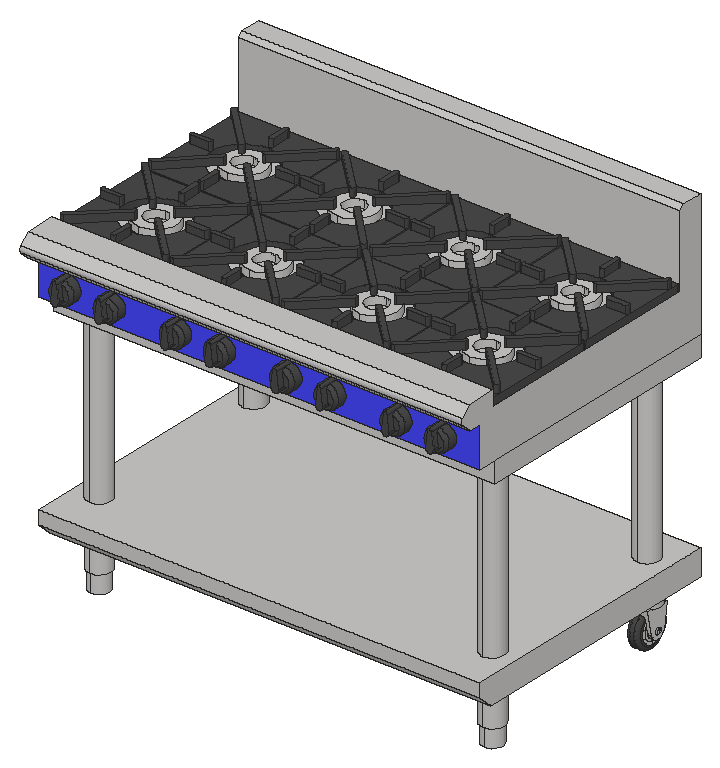
Revit family "QF_MOFFAT_BLUESEAL_CE_G518D-LS", category Specialty Equipment, Revit 2012
Parameters
  Width = 1200 mm
  Weight in Pounds = 347  # constant formula
  URL Cutsheet = "www.moffat.com"
  URL = "www.moffat.com"
  Type Mark [instance] = ""
  Status [instance] = ""
  Specification by User [instance] = ""
  Specification by Manufacturer = ""
  Show Logo [instance] = no
  Show Casters [instance] = yes
  Serial Number = ""
  Seismic Rating = ""
  SMACNA No = ""
  Revision Code [instance] = ""
  Omniclass Number and Title = ""
  NAFEM Spec ID Number = ""
  Model = "G518D-LS"
  Mechanical Remarks = ""
  Mechanical Connection Type = ""
  Masterspec = ""
  Manufacturer = "MOFFAT BLUESEAL"
  Legs [instance] = not(Show Casters)  # no
  Item Number [instance] = ""
  Installed By [instance] = ""
  Identify Quantity as Lot [instance] = yes
  Gas Size = 3/4"
  Gas RI Height = 0 mm
  Gas KW = 62.2
  Gas Input = 212311.0 Btu/h
  Gas Connection Height = 0 mm
  Furnished By [instance] = ""
  Foodservice Equipment Identifier [instance] = yes
  Description = "1200MM GAS COOK TOP ON LEG STAND"
  Depth = 812 mm
  CSI MasterFormat = ""
  CSI Master Format = ""
  Base Height [instance] = 150 mm
Reference planes
  plane 1 "BACK": y = 0
  plane 2: z = 0
  plane 3 "LEFT": x = 0
  plane 4 "RIGHT": x = 1200
  plane 5 "FRONT": y = -812
  plane 6 "TOP": z = 970
  plane 7 "Center Y": x = 600
  plane 8 "Center X": y = -406
  plane 9 "Base Height": z = 150
  plane 10: z = 915
  plane 11: x = 1070
  plane 12: z = 1085
  plane 13: x = 65.354
  plane 14: y = -625
  plane 15: y = -100
  plane 16: z = 655
  plane 17: x = 1134.646
Forms (mm)
  Extrusion 1, solid, material "QF_Finishes_Stainless Steel"
    sketch origin (0, 0, 0) x (0, 1, 0) y (0, 0, 1)
      loop
        line (-749, 850) -> (-749, 740) -> (0, 740) -> (0, 1085) -> (-57.5, 1085) -> (-70, 1072.5) -> (-70, 875) -> (-705, 875) -> (-705, 915) -> (-783.97, 915) -> (-808.485, 890.485)
        arc (-808.485, 890.485) -> (-811.999, 882) -> (-808.485, 873.515) r 12
        line (-808.485, 873.515) -> (-784.97, 850) -> (-749, 850)
      loop
        line (0, 685) -> (0, 739.5) -> (-699, 739.5) -> (-699, 685) -> (0, 685)
      loop
        line (0, 222.5) -> (-749, 222.5) -> (-749, 186) -> (-713, 150) -> (0, 150) -> (0, 222.5)
    from 0 to 1200
  Revolve 2, solid, material "QF_Finishes_Black"
    sketch origin (90, 7, 600) x (0, 1, 0) y (0, 0, -1)
      loop
        line (-789, -229.5) -> (-766, -229.5) -> (-766, -202) -> (-756, -202) -> (-756, -197) -> (-800, -197) -> (-800, -223.651) -> (-789, -229.5)
      axis (-800, -197) -> (-756, -197)
    angle from 0 to 360
  Extrusion 3, solid, material "QF_Finishes_Black"
    sketch origin (90, -759, 797) x (0, 0, 1) y (1, 0, 0)
      loop
        arc (32.192, -4.965) -> (37.079, 0.034) -> (32.192, 5.033) r 5
        line (32.192, 5.033) -> (-10.726, 10.453)
        arc (-10.726, 10.453) -> (-22.392, 0.618) -> (-11.893, -10.454) r 10.487
        line (-11.893, -10.454) -> (32.192, -4.965)
    from 0 to -49
  Extrusion 4, solid, material "QF_Finishes_Stainless Steel"
    sketch origin (0, 0, 222.5) x (0, -1, 0) y (1, 0, 0)
      loop
        circle (100, 65) r 31.75
      loop
        circle (625, 65) r 31.75
      loop
        circle (100, 1135) r 31.75
      loop
        circle (625, 1135) r 31.75
    from 0 to 462.5
  Revolve 5, solid, material "QF_Finishes_Stainless Steel", visible <- "Legs"
    sketch origin (65.5, -166, 0) x (0, 1, 0) y (0, 0, 1)
      loop
        line (34.25, 150) -> (34.25, 50) -> (38.5, 50) -> (38.5, 0) -> (66, 0) -> (66, 150) -> (34.25, 150)
      axis (66, 150) -> (66, 0)
    angle from 0 to 360
  Revolve 6, solid, material "QF_Finishes_Stainless Steel"
    sketch origin (65.5, -735, 0) x (0, 1, 0) y (0, 0, 1)
      loop
        line (78.25, 150) -> (78.25, 50) -> (82.5, 50) -> (82.5, 0) -> (110, 0) -> (110, 150) -> (78.25, 150)
      axis (110, 150) -> (110, 0)
    angle from 0 to 360
  Revolve 7, solid, material "QF_Finishes_Stainless Steel", visible <- "Show Casters"
    sketch origin (16.276, -100.755, -12.8) x (1, 0, 0) y (0, 0, 1)
      loop
        line (14.841, 63.604) -> (83.584, 63.604) -> (83.584, 67.109) -> (82.314, 68.379) -> (80.79, 68.379) -> (80.79, 71.826) -> (68.644, 71.826) -> (68.644, 81.79) -> (65.088, 83.843) -> (63.738, 92.179) -> (65.881, 92.179) -> (65.881, 98.529) -> (65.088, 98.529) -> (65.088, 104.879)
        arc (65.088, 104.879) -> (62.298, 111.614) -> (55.563, 114.404) r 9.525
        line (55.563, 114.404) -> (42.863, 114.404)
        arc (42.863, 114.404) -> (36.127, 111.614) -> (33.338, 104.879) r 9.525
        line (33.338, 104.879) -> (33.338, 98.529) -> (32.544, 98.529) -> (32.544, 92.179) -> (34.687, 92.179) -> (33.352, 83.932) -> (29.782, 81.871) -> (29.782, 71.826) -> (17.635, 71.826) -> (17.635, 68.379) -> (16.111, 68.379) -> (14.841, 67.109) -> (14.841, 63.604)
      axis (14.841, 63.604) -> (83.584, 63.604)
    angle from 0 to 360
  Extrusion 8, solid, material "QF_Finishes_Stainless Steel", visible <- "Show Casters"
    sketch origin (72.001, 132.353, -8.783) x (0, 1, 0) y (0, 0, 1)
      loop
        line (-200.603, 118.783) -> (-264.103, 118.783) -> (-251.746, 53.895)
        arc (-251.746, 53.895) -> (-232.353, 38.783) -> (-212.959, 53.895) r 20
        line (-212.959, 53.895) -> (-200.603, 118.783)
    from -35.667 to 22.923
  Revolve 9, solid, material "QF_Finishes_Stainless Steel", visible <- "Show Casters"
    sketch origin (65.5, -204, 0) x (0, 1, 0) y (0, 0, 1)
      loop
        line (68.25, 150) -> (68.25, 110) -> (104, 110) -> (104, 150) -> (68.25, 150)
      axis (104, 150) -> (104, 110)
    angle from 0 to 360
  Revolve 10, solid, material "QF_Finishes_Stainless Steel", visible <- "Legs"
    sketch origin (65.5, -166, 0) x (0, 1, 0) y (0, 0, 1)
      loop
        line (34.25, 150) -> (34.25, 50) -> (38.5, 50) -> (38.5, 0) -> (66, 0) -> (66, 150) -> (34.25, 150)
      axis (66, 150) -> (66, 0)
    angle from 0 to 360
  Extrusion 11, solid, material "QF_Finishes_Stainless Steel"
    sketch origin (0, 0, 685) x (-1, 0, 0) y (0, 1, 0)
      loop
        circle (-1070, -32) r 6.35
    from 0 to 30
  Revolve 12, solid, material "QF_Finishes_Black"
    sketch origin (390, 7, 600) x (0, 1, 0) y (0, 0, -1)
      loop
        line (-789, -229.5) -> (-766, -229.5) -> (-766, -202) -> (-756, -202) -> (-756, -197) -> (-800, -197) -> (-800, -223.651) -> (-789, -229.5)
      axis (-800, -197) -> (-756, -197)
    angle from 0 to 360
  Extrusion 13, solid, material "QF_Finishes_Black"
    sketch origin (390, -759, 797) x (0, 0, 1) y (1, 0, 0)
      loop
        arc (32.192, -4.965) -> (37.079, 0.034) -> (32.192, 5.033) r 5
        line (32.192, 5.033) -> (-10.726, 10.453)
        arc (-10.726, 10.453) -> (-22.392, 0.618) -> (-11.893, -10.454) r 10.487
        line (-11.893, -10.454) -> (32.192, -4.965)
    from 0 to -49
  Revolve 14, solid, material "QF_Finishes_Black"
    sketch origin (690, 7, 600) x (0, 1, 0) y (0, 0, -1)
      loop
        line (-789, -229.5) -> (-766, -229.5) -> (-766, -202) -> (-756, -202) -> (-756, -197) -> (-800, -197) -> (-800, -223.651) -> (-789, -229.5)
      axis (-800, -197) -> (-756, -197)
    angle from 0 to 360
  Extrusion 15, solid, material "QF_Finishes_Black"
    sketch origin (690, -759, 797) x (0, 0, 1) y (1, 0, 0)
      loop
        arc (32.192, -4.965) -> (37.079, 0.034) -> (32.192, 5.033) r 5
        line (32.192, 5.033) -> (-10.726, 10.453)
        arc (-10.726, 10.453) -> (-22.392, 0.618) -> (-11.893, -10.454) r 10.487
        line (-11.893, -10.454) -> (32.192, -4.965)
    from 0 to -49
  Revolve 16, solid, material "QF_Finishes_Black"
    sketch origin (210, 7, 600) x (0, 1, 0) y (0, 0, -1)
      loop
        line (-789, -229.5) -> (-766, -229.5) -> (-766, -202) -> (-756, -202) -> (-756, -197) -> (-800, -197) -> (-800, -223.651) -> (-789, -229.5)
      axis (-800, -197) -> (-756, -197)
    angle from 0 to 360
  Extrusion 17, solid, material "QF_Finishes_Black"
    sketch origin (210, -759, 797) x (0, 0, 1) y (1, 0, 0)
      loop
        arc (32.192, -4.965) -> (37.079, 0.034) -> (32.192, 5.033) r 5
        line (32.192, 5.033) -> (-10.726, 10.453)
        arc (-10.726, 10.453) -> (-22.392, 0.618) -> (-11.893, -10.454) r 10.487
        line (-11.893, -10.454) -> (32.192, -4.965)
    from 0 to -49
  Revolve 18, solid, material "QF_Finishes_Black"
    sketch origin (510, 7, 600) x (0, 1, 0) y (0, 0, -1)
      loop
        line (-789, -229.5) -> (-766, -229.5) -> (-766, -202) -> (-756, -202) -> (-756, -197) -> (-800, -197) -> (-800, -223.651) -> (-789, -229.5)
      axis (-800, -197) -> (-756, -197)
    angle from 0 to 360
  Extrusion 19, solid, material "QF_Finishes_Black"
    sketch origin (510, -759, 797) x (0, 0, 1) y (1, 0, 0)
      loop
        arc (32.192, -4.965) -> (37.079, 0.034) -> (32.192, 5.033) r 5
        line (32.192, 5.033) -> (-10.726, 10.453)
        arc (-10.726, 10.453) -> (-22.392, 0.618) -> (-11.893, -10.454) r 10.487
        line (-11.893, -10.454) -> (32.192, -4.965)
    from 0 to -49
  Revolve 20, solid, material "QF_Finishes_Black"
    sketch origin (810, 7, 600) x (0, 1, 0) y (0, 0, -1)
      loop
        line (-789, -229.5) -> (-766, -229.5) -> (-766, -202) -> (-756, -202) -> (-756, -197) -> (-800, -197) -> (-800, -223.651) -> (-789, -229.5)
      axis (-800, -197) -> (-756, -197)
    angle from 0 to 360
  Extrusion 21, solid, material "QF_Finishes_Black"
    sketch origin (810, -759, 797) x (0, 0, 1) y (1, 0, 0)
      loop
        arc (32.192, -4.965) -> (37.079, 0.034) -> (32.192, 5.033) r 5
        line (32.192, 5.033) -> (-10.726, 10.453)
        arc (-10.726, 10.453) -> (-22.392, 0.618) -> (-11.893, -10.454) r 10.487
        line (-11.893, -10.454) -> (32.192, -4.965)
    from 0 to -49
  Revolve 22, solid, material "QF_Finishes_Stainless Steel", visible <- "Legs"
    sketch origin (1134.5, -166, 0) x (0, 1, 0) y (0, 0, -1)
      loop
        line (34.25, -150) -> (66, -150) -> (66, 0) -> (38.5, 0) -> (38.5, -50) -> (34.25, -50) -> (34.25, -150)
      axis (66, -150) -> (66, 0)
    angle from 0 to 360
  Revolve 23, solid, material "QF_Finishes_Stainless Steel"
    sketch origin (1134.5, -735, 0) x (0, 1, 0) y (0, 0, -1)
      loop
        line (78.25, -150) -> (110, -150) -> (110, 0) -> (82.5, 0) -> (82.5, -50) -> (78.25, -50) -> (78.25, -150)
      axis (110, -150) -> (110, 0)
    angle from 0 to 360
  Revolve 24, solid, material "QF_Finishes_Stainless Steel", visible <- "Show Casters"
    sketch origin (1183.724, -100.755, -12.8) x (-1, 0, 0) y (0, 0, -1)
      loop
        line (14.841, -63.604) -> (14.841, -67.109) -> (16.111, -68.379) -> (17.635, -68.379) -> (17.635, -71.826) -> (29.782, -71.826) -> (29.782, -81.871) -> (33.352, -83.932) -> (34.687, -92.179) -> (32.544, -92.179) -> (32.544, -98.529) -> (33.338, -98.529) -> (33.338, -104.879)
        arc (33.338, -104.879) -> (36.127, -111.614) -> (42.863, -114.404) r 9.525
        line (42.863, -114.404) -> (55.563, -114.404)
        arc (55.563, -114.404) -> (62.298, -111.614) -> (65.088, -104.879) r 9.525
        line (65.088, -104.879) -> (65.088, -98.529) -> (65.881, -98.529) -> (65.881, -92.179) -> (63.738, -92.179) -> (65.088, -83.843) -> (68.644, -81.79) -> (68.644, -71.826) -> (80.79, -71.826) -> (80.79, -68.379) -> (82.314, -68.379) -> (83.584, -67.109) -> (83.584, -63.604) -> (14.841, -63.604)
      axis (14.841, -63.604) -> (83.584, -63.604)
    angle from 0 to 360
  Extrusion 25, solid, material "QF_Finishes_Stainless Steel", visible <- "Show Casters"
    sketch origin (1127.999, 132.353, -8.783) x (0, 1, 0) y (0, 0, -1)
      loop
        line (-200.603, -118.783) -> (-212.959, -53.895)
        arc (-212.959, -53.895) -> (-232.353, -38.783) -> (-251.746, -53.895) r 20
        line (-251.746, -53.895) -> (-264.103, -118.783) -> (-200.603, -118.783)
    from -35.667 to 22.923
  Revolve 26, solid, material "QF_Finishes_Stainless Steel", visible <- "Show Casters"
    sketch origin (1134.5, -204, 0) x (0, 1, 0) y (0, 0, -1)
      loop
        line (68.25, -150) -> (104, -150) -> (104, -110) -> (68.25, -110) -> (68.25, -150)
      axis (104, -150) -> (104, -110)
    angle from 0 to 360
  Revolve 27, solid, material "QF_Finishes_Stainless Steel", visible <- "Legs"
    sketch origin (1134.5, -166, 0) x (0, 1, 0) y (0, 0, -1)
      loop
        line (34.25, -150) -> (66, -150) -> (66, 0) -> (38.5, 0) -> (38.5, -50) -> (34.25, -50) -> (34.25, -150)
      axis (66, -150) -> (66, 0)
    angle from 0 to 360
  Revolve 28, solid, material "QF_Finishes_Black"
    sketch origin (990, 7, 600) x (0, 1, 0) y (0, 0, -1)
      loop
        line (-789, -229.5) -> (-766, -229.5) -> (-766, -202) -> (-756, -202) -> (-756, -197) -> (-800, -197) -> (-800, -223.651) -> (-789, -229.5)
      axis (-800, -197) -> (-756, -197)
    angle from 0 to 360
  Extrusion 29, solid, material "QF_Finishes_Black"
    sketch origin (990, -759, 797) x (0, 0, 1) y (1, 0, 0)
      loop
        arc (32.192, -4.965) -> (37.079, 0.034) -> (32.192, 5.033) r 5
        line (32.192, 5.033) -> (-10.726, 10.453)
        arc (-10.726, 10.453) -> (-22.392, 0.618) -> (-11.893, -10.454) r 10.487
        line (-11.893, -10.454) -> (32.192, -4.965)
    from 0 to -49
  Revolve 30, solid, material "QF_Finishes_Black"
    sketch origin (1110, 7, 600) x (0, 1, 0) y (0, 0, -1)
      loop
        line (-789, -229.5) -> (-766, -229.5) -> (-766, -202) -> (-756, -202) -> (-756, -197) -> (-800, -197) -> (-800, -223.651) -> (-789, -229.5)
      axis (-800, -197) -> (-756, -197)
    angle from 0 to 360
  Extrusion 31, solid, material "QF_Finishes_Black"
    sketch origin (1110, -759, 797) x (0, 0, 1) y (1, 0, 0)
      loop
        arc (32.192, -4.965) -> (37.079, 0.034) -> (32.192, 5.033) r 5
        line (32.192, 5.033) -> (-10.726, 10.453)
        arc (-10.726, 10.453) -> (-22.392, 0.618) -> (-11.893, -10.454) r 10.487
        line (-11.893, -10.454) -> (32.192, -4.965)
    from 0 to -49
Lines and regions (mm)
  Split face 1
    outline origin (0, -56.5, 1085) x (0, 1, 0) y (-1, 0, 0)
      loop
        line (11.115, -638.041) -> (11.115, -866)
        arc (11.115, -866) -> (16.115, -874.66) -> (26.115, -874.66) r 10
        line (26.115, -874.66) -> (33.115, -870.619)
        arc (33.115, -870.619) -> (36.775, -866.959) -> (38.115, -861.959) r 10
        line (38.115, -861.959) -> (38.115, -634)
        arc (38.115, -634) -> (33.115, -625.34) -> (23.115, -625.34) r 10
        line (23.115, -625.34) -> (16.115, -629.381)
        arc (16.115, -629.381) -> (12.455, -633.041) -> (11.115, -638.041) r 10
  Split face 2
    outline origin (0, -56.5, 1085) x (0, 1, 0) y (-1, 0, 0)
      loop
        line (38.115, -1151.959) -> (38.115, -924)
        arc (38.115, -924) -> (33.115, -915.34) -> (23.115, -915.34) r 10
        line (23.115, -915.34) -> (16.115, -919.381)
        arc (16.115, -919.381) -> (12.455, -923.041) -> (11.115, -928.041) r 10
        line (11.115, -928.041) -> (11.115, -1156)
        arc (11.115, -1156) -> (16.115, -1164.66) -> (26.115, -1164.66) r 10
        line (26.115, -1164.66) -> (33.115, -1160.619)
        arc (33.115, -1160.619) -> (36.775, -1156.959) -> (38.115, -1151.959) r 10
  Split face 3
    outline origin (0, -56.5, 1085) x (0, 1, 0) y (-1, 0, 0)
      loop
        line (11.115, -48.041) -> (11.115, -276)
        arc (11.115, -276) -> (16.115, -284.66) -> (26.115, -284.66) r 10
        line (26.115, -284.66) -> (33.115, -280.619)
        arc (33.115, -280.619) -> (36.775, -276.959) -> (38.115, -271.959) r 10
        line (38.115, -271.959) -> (38.115, -44)
        arc (38.115, -44) -> (33.115, -35.34) -> (23.115, -35.34) r 10
        line (23.115, -35.34) -> (16.115, -39.381)
        arc (16.115, -39.381) -> (12.455, -43.041) -> (11.115, -48.041) r 10
  Split face 4
    outline origin (0, -56.5, 1085) x (0, 1, 0) y (-1, 0, 0)
      loop
        arc (38.115, -344) -> (33.115, -335.34) -> (23.115, -335.34) r 10
        line (23.115, -335.34) -> (16.115, -339.381)
        arc (16.115, -339.381) -> (12.455, -343.041) -> (11.115, -348.041) r 10
        line (11.115, -348.041) -> (11.115, -576)
        arc (11.115, -576) -> (16.115, -584.66) -> (26.115, -584.66) r 10
        line (26.115, -584.66) -> (33.115, -580.619)
        arc (33.115, -580.619) -> (36.775, -576.959) -> (38.115, -571.959) r 10
        line (38.115, -571.959) -> (38.115, -344)
  symbolic lines, style "SpecialityEquipmentHiddenLines", visible <- "Show Casters"
    curve 1: line (78.456, -46.735, 0) -> (105.952, -62.61, 0)
    curve 2: line (27.656, -134.723, 0) -> (78.456, -46.735, 0)
    curve 3: line (55.152, -150.598, 0) -> (27.656, -134.723, 0)
    curve 4: line (105.952, -62.61, 0) -> (55.152, -150.598, 0)
    curve 5: line (1148.456, -46.735, 0) -> (1175.952, -62.61, 0)
    curve 6: line (1097.656, -134.723, 0) -> (1148.456, -46.735, 0)
    curve 7: line (1125.152, -150.598, 0) -> (1097.656, -134.723, 0)
    curve 8: line (1175.952, -62.61, 0) -> (1125.152, -150.598, 0)
  symbolic lines
    curve 9: line (0, -783.97, 0) -> (1200, -783.97, 0)
    curve 10: line (0, 0, 0) -> (0, -811.999, 0)
    curve 11: line (1200, -811.999, 0) -> (1200, 0, 0)
    curve 12: line (1200, -811.999, 0) -> (0, -811.999, 0)
    curve 13: line (0, -70, 0) -> (1200, -70, 0)
    curve 14: line (0, -57.5, 0) -> (1200, -57.5, 0)
    curve 15: line (1200, 0, 0) -> (0, 0, 0)
    curve 16: line (271.959, -18.385, 0) -> (44, -18.385, 0)
    curve 17: arc (44, -18.385, 0) -> (35.34, -23.385, 0) -> (35.34, -33.385, 0) r 10
    curve 18: line (35.34, -33.385, 0) -> (39.381, -40.385, 0)
    curve 19: arc (39.381, -40.385, 0) -> (43.041, -44.045, 0) -> (48.041, -45.385, 0) r 10
    curve 20: line (48.041, -45.385, 0) -> (276, -45.385, 0)
    curve 21: arc (276, -45.385, 0) -> (284.66, -40.385, 0) -> (284.66, -30.385, 0) r 10
    curve 22: line (284.66, -30.385, 0) -> (280.619, -23.385, 0)
    curve 23: arc (280.619, -23.385, 0) -> (276.959, -19.725, 0) -> (271.959, -18.385, 0) r 10
    curve 24: line (0, -705, 0) -> (1200, -705, 0)
    curve 25: line (571.959, -18.385, 0) -> (344, -18.385, 0)
    curve 26: arc (344, -18.385, 0) -> (335.34, -23.385, 0) -> (335.34, -33.385, 0) r 10
    curve 27: line (335.34, -33.385, 0) -> (339.381, -40.385, 0)
    curve 28: arc (339.381, -40.385, 0) -> (343.041, -44.045, 0) -> (348.041, -45.385, 0) r 10
    curve 29: line (348.041, -45.385, 0) -> (576, -45.385, 0)
    curve 30: arc (576, -45.385, 0) -> (584.66, -40.385, 0) -> (584.66, -30.385, 0) r 10
    curve 31: line (584.66, -30.385, 0) -> (580.619, -23.385, 0)
    curve 32: arc (580.619, -23.385, 0) -> (576.959, -19.725, 0) -> (571.959, -18.385, 0) r 10
    curve 33: line (861.959, -18.385, 0) -> (634, -18.385, 0)
    curve 34: arc (634, -18.385, 0) -> (625.34, -23.385, 0) -> (625.34, -33.385, 0) r 10
    curve 35: line (625.34, -33.385, 0) -> (629.381, -40.385, 0)
    curve 36: arc (629.381, -40.385, 0) -> (633.041, -44.045, 0) -> (638.041, -45.385, 0) r 10
    curve 37: line (638.041, -45.385, 0) -> (866, -45.385, 0)
    curve 38: arc (866, -45.385, 0) -> (874.66, -40.385, 0) -> (874.66, -30.385, 0) r 10
    curve 39: line (874.66, -30.385, 0) -> (870.619, -23.385, 0)
    curve 40: arc (870.619, -23.385, 0) -> (866.959, -19.725, 0) -> (861.959, -18.385, 0) r 10
    curve 41: line (924, -18.385, 0) -> (1151.959, -18.385, 0)
    curve 42: arc (1151.959, -18.385, 0) -> (1156.959, -19.725, 0) -> (1160.619, -23.385, 0) r 10
    curve 43: line (1160.619, -23.385, 0) -> (1164.66, -30.385, 0)
    curve 44: arc (1164.66, -30.385, 0) -> (1164.66, -40.385, 0) -> (1156, -45.385, 0) r 10
    curve 45: line (1156, -45.385, 0) -> (928.041, -45.385, 0)
    curve 46: arc (928.041, -45.385, 0) -> (923.041, -44.045, 0) -> (919.381, -40.385, 0) r 10
    curve 47: line (919.381, -40.385, 0) -> (915.34, -33.385, 0)
    curve 48: arc (915.34, -33.385, 0) -> (915.34, -23.385, 0) -> (924, -18.385, 0) r 10
Dimensions and locks
  equal spacing: plane 3 "LEFT", plane 7 "Center Y", plane 4 "RIGHT"
  "Width": plane 3 "LEFT" to plane 4 "RIGHT"
  equal spacing: plane 5 "FRONT", plane 8 "Center X", plane 1 "BACK"
  "Depth": plane 5 "FRONT" to plane 1 "BACK"
  equal spacing: plane 4 "RIGHT", plane 7 "Center Y", plane 3 "LEFT"
  plane 4 "RIGHT" to plane 3 "LEFT" = 1200 mm
  plane 5 "FRONT" to plane 1 "BACK" = 812 mm
  "Base Height": plane 9 "Base Height" to level
  plane 6 "TOP" to level = 970 mm
  plane 10 to level = 915 mm
  plane 11 to plane 4 "RIGHT" = 130 mm
  plane 12 to plane 2 = 1085 mm
  Revolve 7 sketch curve to Revolve 7 sketch curve = 50.8 mm
  plane 15 to plane 14 = 525 mm
  plane 16 to plane 2 = 655 mm
  Extrusion 11 sketch curve to plane 1 "BACK" = 32 mm
  Revolve 24 sketch curve to Revolve 24 sketch curve = 50.8 mm
  aligned and locked: level to plane 2
Automatic sketch dimensions
  curve 10 to plane 3 "LEFT" = 0 mm
  curve 24 to plane 4 "RIGHT" = 0 mm
  plane 1 "BACK" to curve 15 = 0 mm
  plane 3 "LEFT" to curve 3 = 27.656 mm
  plane 13 to curve 18 = 30.014 mm
  curve 17 to curve 19 = 4.041 mm
  curve 17 to curve 17 = 8.66 mm
  curve 18 to curve 20 = 8.66 mm
  plane 13 to curve 3 = 10.202 mm
  curve 1 to plane 13 = 13.102 mm
  plane 1 "BACK" to curve 16 = 18.385 mm
  curve 1 to curve 16 = 166.007 mm
  curve 23 to curve 21 = 4.041 mm
  curve 23 to curve 23 = 8.66 mm
  plane 1 "BACK" to curve 22 = 30.385 mm
  curve 23 to curve 22 = 4.041 mm
  curve 22 to curve 26 = 50.679 mm
  plane 1 "BACK" to curve 27 = 40.385 mm
  curve 27 to curve 27 = 4.041 mm
  curve 26 to curve 26 = 8.66 mm
  curve 26 to curve 28 = 4.041 mm
  curve 32 to plane 7 "Center Y" = 28.041 mm
  curve 32 to curve 29 = 4.041 mm
  curve 32 to curve 31 = 8.66 mm
  curve 32 to curve 30 = 4.041 mm
  plane 7 "Center Y" to curve 35 = 25.34 mm
  curve 35 to curve 35 = 4.041 mm
  curve 34 to curve 34 = 8.66 mm
  curve 35 to curve 37 = 8.66 mm
  plane 1 "BACK" to curve 33 = 18.385 mm
  curve 33 to plane 11 = 208.041 mm
  curve 40 to curve 37 = 4.041 mm
  plane 1 "BACK" to curve 39 = 23.385 mm
  curve 33 to curve 39 = 8.66 mm
  plane 1 "BACK" to curve 39 = 30.385 mm
  curve 40 to curve 39 = 4.041 mm
  curve 38 to curve 48 = 40.679 mm
  plane 1 "BACK" to curve 47 = 40.385 mm
  curve 47 to curve 47 = 4.041 mm
  curve 48 to curve 48 = 8.66 mm
  curve 47 to curve 46 = 8.66 mm
  plane 11 to curve 6 = 27.656 mm
  curve 7 to plane 17 = 9.494 mm
  plane 17 to curve 6 = 13.809 mm
  plane 17 to curve 41 = 17.312 mm
  curve 42 to curve 44 = 4.041 mm
  curve 42 to curve 43 = 8.66 mm
  curve 42 to curve 43 = 4.041 mm
  curve 19 to curve 16 = 22 mm
  plane 1 "BACK" to curve 30 = 45.385 mm
  curve 21 to curve 21 = 15 mm
  plane 1 "BACK" to curve 44 = 45.385 mm
  curve 38 to curve 39 = 15 mm
  curve 2 to curve 19 = 1.35 mm
  curve 5 to curve 45 = 1.35 mm
  curve 14 to plane 15 = 42.5 mm
  curve 8 to curve 14 = 5.11 mm
  curve 4 to curve 1 = 15.875 mm
  curve 13 to curve 14 = 12.5 mm
  plane 14 to curve 24 = 80 mm
  curve 9 to plane 5 "FRONT" = 28.03 mm
  curve 10 to plane 5 "FRONT" = 0.001 mm
  curve 37 to curve 35 = 5 mm
  curve 45 to curve 44 = 10 mm
  curve 29 to curve 30 = 10 mm
  curve 18 to curve 17 = 7 mm
  curve 46 to curve 47 = 7 mm
  curve 28 to curve 26 = 7 mm  (x2)
  curve 36 to curve 35 = 7 mm
  curve 46 to curve 48 = 7 mm
  curve 44 to curve 42 = 7 mm
  curve 30 to curve 32 = 7 mm
  curve 21 to curve 23 = 7 mm
  plane 10 to Extrusion 1 sketch curve = 0 mm
  Extrusion 1 sketch curve to plane 9 "Base Height" = 0 mm
  plane 12 to Extrusion 1 sketch curve = 0 mm
  Extrusion 1 sketch curve to plane 1 "BACK" = 0 mm  (x3)
  Extrusion 1 sketch curve to plane 15 = 42.5 mm
  plane 12 to Extrusion 1 sketch curve = 12.5 mm
  Extrusion 1 sketch curve to Extrusion 1 sketch curve = 12.5 mm
  plane 16 to Extrusion 1 sketch curve = 30 mm
  plane 14 to Extrusion 1 sketch curve = 74 mm
  plane 14 to Extrusion 1 sketch curve = 80 mm
  plane 14 to Extrusion 1 sketch curve = 88 mm
  Extrusion 1 sketch curve to Extrusion 1 sketch curve = 44 mm
  Extrusion 1 sketch curve to Extrusion 1 sketch curve = 36 mm
  Extrusion 1 sketch curve to plane 5 "FRONT" = 28.03 mm
  Extrusion 1 sketch curve to plane 5 "FRONT" = 27.03 mm
  Extrusion 1 sketch curve to plane 5 "FRONT" = 12.001 mm
  Extrusion 1 sketch curve to plane 5 "FRONT" = 3.515 mm  (x2)
  plane 9 "Base Height" to Extrusion 1 sketch curve = 36 mm
  plane 9 "Base Height" to Extrusion 1 sketch curve = 72.5 mm
  Extrusion 1 sketch curve to Extrusion 1 sketch curve = 54.5 mm
  Extrusion 1 sketch curve to Extrusion 1 sketch curve = 0.5 mm
  plane 10 to Extrusion 1 sketch curve = 65 mm
  Extrusion 1 sketch curve to Extrusion 1 sketch curve = 23.515 mm
  plane 10 to Extrusion 1 sketch curve = 40 mm
  Extrusion 1 sketch curve to Extrusion 1 sketch curve = 8.485 mm
  Revolve 2 sketch curve to plane 5 "FRONT" = 19 mm
  Revolve 2 sketch curve to Revolve 2 sketch curve = 0 mm  (x2)
  Revolve 2 sketch curve to Revolve 2 sketch curve = 11 mm
  Revolve 2 sketch curve to Revolve 2 sketch curve = 12.7 mm
  Revolve 2 sketch curve to Revolve 2 sketch curve = 23 mm
  Revolve 2 sketch curve to Revolve 2 sketch curve = 10 mm
  plane 10 to Revolve 2 sketch curve = 85.5 mm
  Revolve 2 sketch curve to Revolve 2 sketch curve = 5.849 mm
  Revolve 2 sketch curve to Revolve 2 sketch curve = 27.5 mm
  Revolve 2 sketch curve to Revolve 2 sketch curve = 5 mm
  Extrusion 3 sketch curve to Revolve 2 = 0.034 mm  (x2)
  Revolve 2 to Extrusion 3 sketch curve = 10.454 mm
  Extrusion 3 sketch curve to Extrusion 3 sketch curve = 0.028 mm
  Extrusion 3 sketch curve to Revolve 2 = 10.453 mm
  Extrusion 3 sketch curve to Extrusion 3 sketch curve = 44 mm
  Extrusion 3 sketch curve to Revolve 2 = 5.033 mm
  Extrusion 3 sketch curve to Extrusion 3 sketch curve = 0.113 mm
  Revolve 2 to Extrusion 3 sketch curve = 4.965 mm
  Extrusion 4 sketch curve to Extrusion 4 sketch curve = 0 mm  (x8)
  Extrusion 1 to Extrusion 4 sketch curve = 68.25 mm  (x2)
  Extrusion 4 sketch curve to Extrusion 4 sketch curve = 31.75 mm  (x4)
  Extrusion 4 sketch curve to Extrusion 1 = 155.75 mm  (x2)
  Extrusion 1 to Extrusion 4 sketch curve = 65 mm  (x4)
  Revolve 5 sketch curve to plane 9 "Base Height" = 0 mm
  Revolve 5 sketch curve to level = 0 mm
  Revolve 5 sketch curve to plane 15 = 0 mm  (x2)
  plane 15 to Revolve 5 sketch curve = 27.5 mm
  plane 15 to Revolve 5 sketch curve = 31.75 mm
  Revolve 5 sketch curve to Revolve 5 sketch curve = 55 mm
  level to Revolve 5 sketch curve = 50 mm
  Revolve 5 sketch curve to Revolve 5 sketch curve = 0 mm
  Revolve 6 sketch curve to plane 9 "Base Height" = 0 mm
  Revolve 6 sketch curve to level = 0 mm
  Revolve 6 sketch curve to plane 14 = 0 mm  (x2)
  Revolve 6 sketch curve to Revolve 6 sketch curve = 27.5 mm
  Revolve 6 sketch curve to Revolve 6 sketch curve = 31.75 mm
  Revolve 6 sketch curve to Revolve 6 sketch curve = 55 mm
  level to Revolve 6 sketch curve = 50 mm
  Revolve 6 sketch curve to Revolve 6 sketch curve = 0 mm
  plane 3 "LEFT" to Revolve 7 sketch curve = 31.118 mm
  Revolve 7 sketch curve to Revolve 7 sketch curve = 1.27 mm  (x4)
  Revolve 7 sketch curve to Revolve 7 sketch curve = 1.524 mm  (x2)
  Revolve 7 sketch curve to Revolve 7 sketch curve = 12.146 mm  (x2)
  plane 13 to Revolve 7 sketch curve = 16.533 mm
  Revolve 7 sketch curve to Revolve 7 sketch curve = 0.794 mm  (x2)
  Revolve 7 sketch curve to Revolve 7 sketch curve = 3.57 mm
  Revolve 7 sketch curve to Revolve 7 sketch curve = 2.143 mm
  plane 13 to Revolve 7 sketch curve = 6.215 mm
  Revolve 7 sketch curve to plane 13 = 5.276 mm
  Revolve 7 sketch curve to plane 13 = 6.485 mm
  Revolve 7 sketch curve to plane 13 = 14.661 mm
  Revolve 7 sketch curve to Revolve 7 sketch curve = 1.349 mm  (x2)
  Revolve 7 sketch curve to Revolve 7 sketch curve = 3.556 mm
  Revolve 7 sketch curve to Revolve 7 sketch curve = 33.32 mm
  level to Revolve 7 sketch curve = 50.804 mm
  Revolve 7 sketch curve to Revolve 7 sketch curve = 0 mm
  Revolve 7 sketch curve to Revolve 7 sketch curve = 3.505 mm  (x2)
  Revolve 7 sketch curve to Revolve 7 sketch curve = 3.447 mm  (x2)
  Revolve 7 sketch curve to Revolve 7 sketch curve = 9.964 mm
  Revolve 7 sketch curve to Revolve 7 sketch curve = 10.045 mm
  Revolve 7 sketch curve to Revolve 7 sketch curve = 2.053 mm
  Revolve 7 sketch curve to Revolve 7 sketch curve = 2.061 mm
  Revolve 7 sketch curve to Revolve 7 sketch curve = 8.247 mm
  Revolve 7 sketch curve to Revolve 7 sketch curve = 8.336 mm
  Revolve 7 sketch curve to Revolve 7 sketch curve = 6.35 mm  (x2)
  Extrusion 8 sketch curve to plane 15 = 0 mm
  plane 15 to Extrusion 8 sketch curve = 19.393 mm
  plane 15 to Extrusion 8 sketch curve = 31.75 mm
  Extrusion 8 sketch curve to plane 15 = 19.393 mm
  Extrusion 8 sketch curve to plane 15 = 31.75 mm
  level to Extrusion 8 sketch curve = 45.111 mm
  Extrusion 8 sketch curve to Extrusion 8 sketch curve = 4.889 mm
  Extrusion 8 sketch curve to plane 9 "Base Height" = 40 mm
  Revolve 9 sketch curve to plane 9 "Base Height" = 0 mm
  Revolve 9 sketch curve to plane 15 = 0 mm  (x2)
  plane 15 to Revolve 9 sketch curve = 35.75 mm
  Revolve 9 sketch curve to Revolve 9 sketch curve = 40 mm
  level to Revolve 9 sketch curve = 50 mm
  Revolve 9 sketch curve to level = 55 mm
  Revolve 10 sketch curve to plane 9 "Base Height" = 0 mm
  Revolve 10 sketch curve to level = 0 mm
  Revolve 10 sketch curve to plane 15 = 0 mm  (x2)
  plane 15 to Revolve 10 sketch curve = 27.5 mm
  plane 15 to Revolve 10 sketch curve = 31.75 mm
  Revolve 10 sketch curve to Revolve 10 sketch curve = 55 mm
  level to Revolve 10 sketch curve = 50 mm
  Revolve 10 sketch curve to Revolve 10 sketch curve = 0 mm
  Extrusion 11 sketch curve to Extrusion 11 sketch curve = 0 mm
  Extrusion 11 sketch curve to Extrusion 1 = 38.35 mm
  Extrusion 11 sketch curve to Extrusion 1 = 130 mm
  Split face 1 sketch curve to Extrusion 1 = 12.115 mm
  Split face 1 sketch curve to Split face 1 sketch curve = 5 mm  (x3)
  Split face 1 sketch curve to Split face 1 sketch curve = 10 mm  (x2)
  Split face 1 sketch curve to Split face 1 sketch curve = 7 mm  (x4)
  Split face 1 sketch curve to Extrusion 1 = 325.34 mm
  Split face 1 sketch curve to Split face 1 sketch curve = 4.041 mm  (x2)
  Split face 1 sketch curve to Split face 1 sketch curve = 223.917 mm
  Split face 2 sketch curve to Extrusion 1 = 12.115 mm
  Split face 2 sketch curve to Split face 2 sketch curve = 5 mm  (x3)
  Split face 2 sketch curve to Split face 2 sketch curve = 10 mm  (x2)
  Split face 2 sketch curve to Split face 2 sketch curve = 7 mm  (x4)
  Split face 2 sketch curve to Extrusion 1 = 35.34 mm
  Split face 2 sketch curve to Split face 2 sketch curve = 4.041 mm  (x2)
  Split face 2 sketch curve to Split face 2 sketch curve = 223.917 mm
  Split face 3 sketch curve to Extrusion 1 = 12.115 mm
  Split face 3 sketch curve to Split face 3 sketch curve = 5 mm  (x3)
  Split face 3 sketch curve to Split face 3 sketch curve = 10 mm  (x2)
  Split face 3 sketch curve to Split face 3 sketch curve = 7 mm  (x4)
  Split face 3 sketch curve to Extrusion 1 = 284.66 mm
  Split face 3 sketch curve to Split face 3 sketch curve = 4.041 mm  (x2)
  Split face 3 sketch curve to Extrusion 1 = 48.041 mm
  Revolve 12 sketch curve to plane 5 "FRONT" = 19 mm
  Revolve 12 sketch curve to Revolve 12 sketch curve = 0 mm  (x2)
  Revolve 12 sketch curve to Revolve 12 sketch curve = 11 mm
  Revolve 12 sketch curve to Revolve 12 sketch curve = 12.7 mm
  Revolve 12 sketch curve to Revolve 12 sketch curve = 23 mm
  Revolve 12 sketch curve to Revolve 12 sketch curve = 10 mm
  plane 10 to Revolve 12 sketch curve = 85.5 mm
  Revolve 12 sketch curve to Revolve 12 sketch curve = 5.849 mm
  Revolve 12 sketch curve to Revolve 12 sketch curve = 27.5 mm
  Revolve 12 sketch curve to Revolve 12 sketch curve = 5 mm
  Extrusion 13 sketch curve to Revolve 12 = 0.034 mm  (x2)
  Revolve 12 to Extrusion 13 sketch curve = 10.454 mm
  Extrusion 13 sketch curve to Extrusion 13 sketch curve = 0.028 mm
  Extrusion 13 sketch curve to Revolve 12 = 10.453 mm
  Extrusion 13 sketch curve to Extrusion 13 sketch curve = 44 mm
  Extrusion 13 sketch curve to Revolve 12 = 5.033 mm
  Extrusion 13 sketch curve to Extrusion 13 sketch curve = 0.113 mm
  Revolve 12 to Extrusion 13 sketch curve = 4.965 mm
  Revolve 14 sketch curve to plane 5 "FRONT" = 19 mm
  Revolve 14 sketch curve to Revolve 14 sketch curve = 0 mm  (x2)
  Revolve 14 sketch curve to Revolve 14 sketch curve = 11 mm
  Revolve 14 sketch curve to Revolve 14 sketch curve = 12.7 mm
  Revolve 14 sketch curve to Revolve 14 sketch curve = 23 mm
  Revolve 14 sketch curve to Revolve 14 sketch curve = 10 mm
  plane 10 to Revolve 14 sketch curve = 85.5 mm
  Revolve 14 sketch curve to Revolve 14 sketch curve = 5.849 mm
  Revolve 14 sketch curve to Revolve 14 sketch curve = 27.5 mm
  Revolve 14 sketch curve to Revolve 14 sketch curve = 5 mm
  Extrusion 15 sketch curve to Revolve 14 = 0.034 mm  (x2)
  Revolve 14 to Extrusion 15 sketch curve = 10.454 mm
  Extrusion 15 sketch curve to Extrusion 15 sketch curve = 0.028 mm
  Extrusion 15 sketch curve to Revolve 14 = 10.453 mm
  Extrusion 15 sketch curve to Extrusion 15 sketch curve = 44 mm
  Extrusion 15 sketch curve to Revolve 14 = 5.033 mm
  Extrusion 15 sketch curve to Extrusion 15 sketch curve = 0.113 mm
  Revolve 14 to Extrusion 15 sketch curve = 4.965 mm
  Revolve 16 sketch curve to plane 5 "FRONT" = 19 mm
  Revolve 16 sketch curve to Revolve 16 sketch curve = 0 mm  (x2)
  Revolve 16 sketch curve to Revolve 16 sketch curve = 11 mm
  Revolve 16 sketch curve to Revolve 16 sketch curve = 12.7 mm
  Revolve 16 sketch curve to Revolve 16 sketch curve = 23 mm
  Revolve 16 sketch curve to Revolve 16 sketch curve = 10 mm
  plane 10 to Revolve 16 sketch curve = 85.5 mm
  Revolve 16 sketch curve to Revolve 16 sketch curve = 5.849 mm
  Revolve 16 sketch curve to Revolve 16 sketch curve = 27.5 mm
  Revolve 16 sketch curve to Revolve 16 sketch curve = 5 mm
  Extrusion 17 sketch curve to Revolve 16 = 0.034 mm  (x2)
  Revolve 16 to Extrusion 17 sketch curve = 10.454 mm
  Extrusion 17 sketch curve to Extrusion 17 sketch curve = 0.028 mm
  Extrusion 17 sketch curve to Revolve 16 = 10.453 mm
  Extrusion 17 sketch curve to Extrusion 17 sketch curve = 44 mm
  Extrusion 17 sketch curve to Revolve 16 = 5.033 mm
  Extrusion 17 sketch curve to Extrusion 17 sketch curve = 0.113 mm
  Revolve 16 to Extrusion 17 sketch curve = 4.965 mm
  Revolve 18 sketch curve to plane 5 "FRONT" = 19 mm
  Revolve 18 sketch curve to Revolve 18 sketch curve = 0 mm  (x2)
  Revolve 18 sketch curve to Revolve 18 sketch curve = 11 mm
  Revolve 18 sketch curve to Revolve 18 sketch curve = 12.7 mm
  Revolve 18 sketch curve to Revolve 18 sketch curve = 23 mm
  Revolve 18 sketch curve to Revolve 18 sketch curve = 10 mm
  plane 10 to Revolve 18 sketch curve = 85.5 mm
  Revolve 18 sketch curve to Revolve 18 sketch curve = 5.849 mm
  Revolve 18 sketch curve to Revolve 18 sketch curve = 27.5 mm
  Revolve 18 sketch curve to Revolve 18 sketch curve = 5 mm
  Extrusion 19 sketch curve to Revolve 18 = 0.034 mm  (x2)
  Revolve 18 to Extrusion 19 sketch curve = 10.454 mm
  Extrusion 19 sketch curve to Extrusion 19 sketch curve = 0.028 mm
  Extrusion 19 sketch curve to Revolve 18 = 10.453 mm
  Extrusion 19 sketch curve to Extrusion 19 sketch curve = 44 mm
  Extrusion 19 sketch curve to Revolve 18 = 5.033 mm
  Extrusion 19 sketch curve to Extrusion 19 sketch curve = 0.113 mm
  Revolve 18 to Extrusion 19 sketch curve = 4.965 mm
  Revolve 20 sketch curve to plane 5 "FRONT" = 19 mm
  Revolve 20 sketch curve to Revolve 20 sketch curve = 0 mm  (x2)
  Revolve 20 sketch curve to Revolve 20 sketch curve = 11 mm
  Revolve 20 sketch curve to Revolve 20 sketch curve = 12.7 mm
  Revolve 20 sketch curve to Revolve 20 sketch curve = 23 mm
  Revolve 20 sketch curve to Revolve 20 sketch curve = 10 mm
  plane 10 to Revolve 20 sketch curve = 85.5 mm
  Revolve 20 sketch curve to Revolve 20 sketch curve = 5.849 mm
  Revolve 20 sketch curve to Revolve 20 sketch curve = 27.5 mm
  Revolve 20 sketch curve to Revolve 20 sketch curve = 5 mm
  Extrusion 21 sketch curve to Revolve 20 = 0.034 mm  (x2)
  Revolve 20 to Extrusion 21 sketch curve = 10.454 mm
  Extrusion 21 sketch curve to Extrusion 21 sketch curve = 0.028 mm
  Extrusion 21 sketch curve to Revolve 20 = 10.453 mm
  Extrusion 21 sketch curve to Extrusion 21 sketch curve = 44 mm
  Extrusion 21 sketch curve to Revolve 20 = 5.033 mm
  Extrusion 21 sketch curve to Extrusion 21 sketch curve = 0.113 mm
  Revolve 20 to Extrusion 21 sketch curve = 4.965 mm
  Revolve 22 sketch curve to plane 9 "Base Height" = 0 mm
  Revolve 22 sketch curve to level = 0 mm
  Revolve 22 sketch curve to plane 15 = 0 mm  (x2)
  plane 15 to Revolve 22 sketch curve = 27.5 mm
  plane 15 to Revolve 22 sketch curve = 31.75 mm
  level to Revolve 22 sketch curve = 50 mm
  Revolve 22 sketch curve to Revolve 22 sketch curve = 0 mm
  Revolve 22 sketch curve to Revolve 22 sketch curve = 55 mm
  Revolve 23 sketch curve to plane 9 "Base Height" = 0 mm
  Revolve 23 sketch curve to level = 0 mm
  Revolve 23 sketch curve to plane 14 = 0 mm  (x2)
  Revolve 23 sketch curve to Revolve 23 sketch curve = 27.5 mm
  Revolve 23 sketch curve to Revolve 23 sketch curve = 31.75 mm
  level to Revolve 23 sketch curve = 50 mm
  Revolve 23 sketch curve to Revolve 23 sketch curve = 0 mm
  Revolve 23 sketch curve to Revolve 23 sketch curve = 55 mm
  plane 4 "RIGHT" to Revolve 24 sketch curve = 31.118 mm
  Revolve 24 sketch curve to Revolve 24 sketch curve = 1.27 mm  (x4)
  Revolve 24 sketch curve to Revolve 24 sketch curve = 1.524 mm  (x2)
  Revolve 24 sketch curve to Revolve 24 sketch curve = 12.146 mm  (x2)
  plane 17 to Revolve 24 sketch curve = 16.533 mm
  Revolve 24 sketch curve to Revolve 24 sketch curve = 0.794 mm  (x2)
  Revolve 24 sketch curve to Revolve 24 sketch curve = 3.57 mm
  Revolve 24 sketch curve to Revolve 24 sketch curve = 2.143 mm
  plane 17 to Revolve 24 sketch curve = 6.215 mm
  Revolve 24 sketch curve to plane 17 = 5.276 mm
  Revolve 24 sketch curve to plane 17 = 6.485 mm
  Revolve 24 sketch curve to plane 17 = 14.661 mm
  Revolve 24 sketch curve to Revolve 24 sketch curve = 1.349 mm  (x2)
  Revolve 24 sketch curve to Revolve 24 sketch curve = 3.556 mm
  Revolve 24 sketch curve to plane 11 = 3.18 mm
  Revolve 24 sketch curve to plane 9 "Base Height" = 48.396 mm
  Revolve 24 sketch curve to Revolve 24 sketch curve = 6.35 mm  (x4)
  Revolve 24 sketch curve to Revolve 24 sketch curve = 8.247 mm
  Revolve 24 sketch curve to Revolve 24 sketch curve = 8.336 mm
  Revolve 24 sketch curve to Revolve 24 sketch curve = 2.061 mm
  Revolve 24 sketch curve to Revolve 24 sketch curve = 2.053 mm
  Revolve 24 sketch curve to Revolve 24 sketch curve = 10.045 mm
  Revolve 24 sketch curve to Revolve 24 sketch curve = 9.964 mm
  Revolve 24 sketch curve to Revolve 24 sketch curve = 3.447 mm  (x2)
  Revolve 24 sketch curve to Revolve 24 sketch curve = 3.505 mm
  Extrusion 25 sketch curve to plane 15 = 0 mm
  plane 15 to Extrusion 25 sketch curve = 19.393 mm
  plane 15 to Extrusion 25 sketch curve = 31.75 mm
  Extrusion 25 sketch curve to plane 15 = 19.393 mm
  Extrusion 25 sketch curve to plane 15 = 31.75 mm
  Extrusion 25 sketch curve to plane 9 "Base Height" = 40 mm
  level to Extrusion 25 sketch curve = 50 mm
  Extrusion 25 sketch curve to Extrusion 25 sketch curve = 4.889 mm
  Revolve 26 sketch curve to plane 9 "Base Height" = 0 mm
  Revolve 26 sketch curve to plane 15 = 0 mm  (x2)
  plane 15 to Revolve 26 sketch curve = 35.75 mm
  Revolve 26 sketch curve to Revolve 26 sketch curve = 40 mm
  level to Revolve 26 sketch curve = 50 mm
  Revolve 26 sketch curve to level = 55 mm
  Revolve 27 sketch curve to plane 9 "Base Height" = 0 mm
  Revolve 27 sketch curve to level = 0 mm
  Revolve 27 sketch curve to plane 15 = 0 mm  (x2)
  plane 15 to Revolve 27 sketch curve = 27.5 mm
  plane 15 to Revolve 27 sketch curve = 31.75 mm
  level to Revolve 27 sketch curve = 50 mm
  Revolve 27 sketch curve to Revolve 27 sketch curve = 0 mm
  Revolve 27 sketch curve to Revolve 27 sketch curve = 55 mm
  Split face 4 sketch curve to Extrusion 1 = 12.115 mm
  Split face 4 sketch curve to Split face 4 sketch curve = 5 mm  (x4)
  Split face 4 sketch curve to Split face 4 sketch curve = 10 mm
  Split face 4 sketch curve to Split face 4 sketch curve = 7 mm  (x4)
  Split face 4 sketch curve to Extrusion 1 = 584.66 mm
  Split face 4 sketch curve to Split face 4 sketch curve = 4.041 mm  (x2)
  Split face 4 sketch curve to Split face 4 sketch curve = 223.917 mm
  Revolve 28 sketch curve to plane 5 "FRONT" = 19 mm
  Revolve 28 sketch curve to Revolve 28 sketch curve = 0 mm  (x2)
  Revolve 28 sketch curve to Revolve 28 sketch curve = 11 mm
  Revolve 28 sketch curve to Revolve 28 sketch curve = 12.7 mm
  Revolve 28 sketch curve to Revolve 28 sketch curve = 23 mm
  Revolve 28 sketch curve to Revolve 28 sketch curve = 10 mm
  plane 10 to Revolve 28 sketch curve = 85.5 mm
  Revolve 28 sketch curve to Revolve 28 sketch curve = 5.849 mm
  Revolve 28 sketch curve to Revolve 28 sketch curve = 27.5 mm
  Revolve 28 sketch curve to Revolve 28 sketch curve = 5 mm
  Extrusion 29 sketch curve to Revolve 28 = 0.034 mm  (x2)
  Revolve 28 to Extrusion 29 sketch curve = 10.454 mm
  Extrusion 29 sketch curve to Extrusion 29 sketch curve = 0.028 mm
  Extrusion 29 sketch curve to Revolve 28 = 10.453 mm
  Extrusion 29 sketch curve to Extrusion 29 sketch curve = 44 mm
  Extrusion 29 sketch curve to Revolve 28 = 5.033 mm
  Extrusion 29 sketch curve to Extrusion 29 sketch curve = 0.113 mm
  Revolve 28 to Extrusion 29 sketch curve = 4.965 mm
  Revolve 30 sketch curve to plane 5 "FRONT" = 19 mm
  Revolve 30 sketch curve to Revolve 30 sketch curve = 0 mm  (x2)
  Revolve 30 sketch curve to Revolve 30 sketch curve = 11 mm
  Revolve 30 sketch curve to Revolve 30 sketch curve = 12.7 mm
  Revolve 30 sketch curve to Revolve 30 sketch curve = 23 mm
  Revolve 30 sketch curve to Revolve 30 sketch curve = 10 mm
  plane 10 to Revolve 30 sketch curve = 85.5 mm
  Revolve 30 sketch curve to Revolve 30 sketch curve = 5.849 mm
  Revolve 30 sketch curve to Revolve 30 sketch curve = 27.5 mm
  Revolve 30 sketch curve to Revolve 30 sketch curve = 5 mm
  Extrusion 31 sketch curve to Revolve 30 = 0.034 mm  (x2)
  Revolve 30 to Extrusion 31 sketch curve = 10.454 mm
  Extrusion 31 sketch curve to Extrusion 31 sketch curve = 0.028 mm
  Extrusion 31 sketch curve to Revolve 30 = 10.453 mm
  Extrusion 31 sketch curve to Extrusion 31 sketch curve = 44 mm
  Extrusion 31 sketch curve to Revolve 30 = 5.033 mm
  Extrusion 31 sketch curve to Extrusion 31 sketch curve = 0.113 mm
  Revolve 30 to Extrusion 31 sketch curve = 4.965 mm
Nested families
  nested 1: "WALDORF LOGO_FACE BASE" at (32, -70, 1057.475) x (1, 0, 0) z (0, -1, 0), visible <- "Show Logo", type "WALDORF LOGO_FACE BASE", detail levels medium+fine
    with Show Logo yes
  nested 2: "GAS BURNER 1200" at (-1, -70, 875), type "GAS BURNER 1200"
    with Width 1200 mm, Type Mark "", Status "", Specification by User "", Revision Code "", Item Number "", Installed By "", Identify Quantity as Lot yes, Furnished By "", Foodservice Equipment Identifier yes, Depth 635 mm
Connectors
  piping at (1070, -32, 655)
    settings: on Extrusion 11, index 1, connector radius 0.37402", flow factor 0, pipe flow 0 GPM, pressure drop 0.00 psi, fitting loss kfactor 0, connector angle 0.00°, fixture units 0, engagement length 0 mm, flow configuration 1, flow direction 1, fitting loss method 0, system type 7, joint type 0, gender type 0, connector reference index -1, connector utility 0, adjustable connector no, is connector primary yes, fitting loss table "", connector description "GAS CONNECTION"
Definition of nested family "WALDORF LOGO_FACE BASE"
  Parameters (values of type "WALDORF LOGO_FACE BASE")
    Show Logo [instance] = yes
    Default Elevation = 1219.2 mm
  Reference planes
    plane 1 "Center (Front/Back)": y = 0
    plane 2: z = 0
    plane 3 "Center (Left/Right)": x = 0
  Forms (mm)
    Extrusion 1, solid
      sketch origin (0, 0, 0) x (1, 0, 0) y (0, 1, 0)
        loop
          line (-1219.2, 1219.2) -> (-1219.2, -1219.2) -> (1219.2, -1219.2) -> (1219.2, 1219.2) -> (-1219.2, 1219.2)
      from 0 to -304.8
    Extrusion 2, solid, material "QF_Finishes_Blue", visible <- "Show Logo"
      sketch origin (0, -33.217, 0) x (1, 0, 0) y (0, 1, 0)
        loop
          arc (138, 31.942) -> (137.626, 32.844) -> (136.724, 33.217) r 1.276
          line (136.724, 33.217) -> (1.29, 33.217)
          arc (1.29, 33.217) -> (0.378, 32.839) -> (0, 31.927) r 1.29
          line (0, 31.927) -> (0, 11.507)
          arc (0, 11.507) -> (0.378, 10.595) -> (1.29, 10.217) r 1.29
          line (1.29, 10.217) -> (136.71, 10.217)
          arc (136.71, 10.217) -> (137.622, 10.595) -> (138, 11.507) r 1.29
          line (138, 11.507) -> (138, 31.942)
      from 0 to 1.588
    Extrusion 3, solid, material "QF_Finishes_White", visible <- "Show Logo"
      sketch origin (0, -33.217, 1.588) x (1, 0, 0) y (0, 1, 0)
        loop
          arc (108.946, 25.919) -> (107.613, 25.367) -> (107.061, 24.034) r 1.885
          line (107.061, 24.034) -> (107.061, 17.211) -> (112.704, 17.211) -> (112.704, 19.129) -> (115.546, 19.129) -> (115.546, 17.211) -> (121.584, 17.211) -> (121.584, 24.075)
          arc (121.584, 24.075) -> (121.043, 25.379) -> (119.739, 25.919) r 1.845
          line (119.739, 25.919) -> (108.946, 25.919)
        loop
          line (123.478, 25.919) -> (123.478, 17.163) -> (134.904, 17.163) -> (134.904, 19.129) -> (129.246, 19.129) -> (129.246, 25.919) -> (123.478, 25.919)
        loop
          line (112.704, 21.258) -> (115.546, 21.258) -> (115.546, 22.702)
          arc (115.546, 22.702) -> (115.344, 23.188) -> (114.858, 23.389) r 0.687
          line (114.858, 23.389) -> (113.363, 23.389)
          arc (113.363, 23.389) -> (112.897, 23.196) -> (112.704, 22.73) r 0.658
          line (112.704, 22.73) -> (112.704, 21.258)
        loop
          line (105.071, 25.919) -> (93.771, 25.919) -> (93.771, 17.163) -> (105.071, 17.163) -> (105.071, 19.063) -> (99.535, 19.063) -> (99.535, 20.437) -> (105.071, 20.437) -> (105.071, 22.278) -> (99.535, 22.278) -> (99.535, 23.587) -> (105.071, 23.587) -> (105.071, 25.919)
        loop
          line (91.104, 25.919) -> (79.541, 25.919)
          arc (79.541, 25.919) -> (78.558, 25.513) -> (78.152, 24.53) r 1.389
          line (78.152, 24.53) -> (78.152, 22.08)
          arc (78.152, 22.08) -> (78.558, 21.098) -> (79.541, 20.691) r 1.389
          line (79.541, 20.691) -> (86.346, 20.691) -> (86.346, 18.864) -> (83.266, 18.864) -> (83.266, 19.664) -> (78.152, 19.664) -> (78.152, 18.553)
          arc (78.152, 18.553) -> (78.558, 17.57) -> (79.541, 17.163) r 1.389
          line (79.541, 17.163) -> (91.063, 17.163)
          arc (91.063, 17.163) -> (92.045, 17.57) -> (92.452, 18.553) r 1.389
          line (92.452, 18.553) -> (92.452, 20.691)
          arc (92.452, 20.691) -> (92.045, 21.673) -> (91.063, 22.08) r 1.389
          line (91.063, 22.08) -> (83.266, 22.08) -> (83.266, 23.984) -> (86.346, 23.984) -> (86.346, 22.743) -> (92.452, 22.743) -> (92.452, 24.571)
          arc (92.452, 24.571) -> (92.057, 25.524) -> (91.104, 25.919) r 1.348
        loop
          line (70.705, 25.919) -> (59.405, 25.919) -> (59.405, 17.163) -> (70.705, 17.163) -> (70.705, 19.063) -> (65.169, 19.063) -> (65.169, 20.437) -> (70.705, 20.437) -> (70.705, 22.278) -> (65.169, 22.278) -> (65.169, 23.587) -> (70.705, 23.587) -> (70.705, 25.919)
        loop
          line (57.598, 25.919) -> (51.7, 25.919) -> (51.7, 20.18)
          arc (51.7, 20.18) -> (50.63, 19.11) -> (49.56, 20.18) r 1.07
          line (49.56, 20.18) -> (49.56, 25.919) -> (43.663, 25.919) -> (43.663, 19.049)
          arc (43.663, 19.049) -> (44.215, 17.716) -> (45.548, 17.163) r 1.885
          line (45.548, 17.163) -> (55.71, 17.163)
          arc (55.71, 17.163) -> (57.045, 17.716) -> (57.598, 19.051) r 1.887
          line (57.598, 19.051) -> (57.598, 25.919)
        loop
          line (31.62, 25.919) -> (31.62, 17.163) -> (43.046, 17.163) -> (43.046, 19.129) -> (37.388, 19.129) -> (37.388, 25.919) -> (31.62, 25.919)
        loop
          line (15.969, 25.919) -> (15.969, 17.163) -> (28.693, 17.163)
          arc (28.693, 17.163) -> (29.812, 17.627) -> (30.276, 18.746) r 1.582
          line (30.276, 18.746) -> (30.276, 20.447) -> (29.48, 21.243) -> (30.276, 22.039) -> (30.276, 24.332)
          arc (30.276, 24.332) -> (29.811, 25.454) -> (28.688, 25.919) r 1.587
          line (28.688, 25.919) -> (15.969, 25.919)
        loop
          line (21.449, 24.159) -> (21.449, 22.436) -> (23.862, 22.436)
          arc (23.862, 22.436) -> (24.723, 23.298) -> (23.862, 24.159) r 0.861
          line (23.862, 24.159) -> (21.449, 24.159)
        loop
          line (21.449, 20.244) -> (21.449, 18.522) -> (23.862, 18.522)
          arc (23.862, 18.522) -> (24.723, 19.383) -> (23.862, 20.244) r 0.861
          line (23.862, 20.244) -> (21.449, 20.244)
      from 0 to 0.2
    Extrusion 4, solid, material "QF_Finishes_Blue", visible <- "Show Logo"
      sketch origin (-126.498, -31.09, 1.588) x (1, 0, 0) y (0, 1, 0)
        loop
          line (136.738, 23.522) -> (136.738, 15.1)
          arc (136.738, 15.1) -> (140.756, 19.311) -> (136.738, 23.522) r 4.216
      from 0 to 0.2
    Extrusion 5, solid, material "QF_Finishes_Red", visible <- "Show Logo"
      sketch origin (146.849, -31.09, 1.588) x (-1, 0, 0) y (0, -1, 0)
        loop
          arc (136.738, -23.522) -> (140.756, -19.311) -> (136.738, -15.1) r 4.216
          line (136.738, -15.1) -> (136.738, -23.522)
      from 0 to 0.2
  Lines and regions (mm)
    Split face 1
      outline origin (-90.35, -30.793, 1.588) x (1, 0, 0) y (0, 1, 0)
        loop
          circle (100.54, 19.013) r 4.536
  Dimensions and locks
    aligned and locked: plane 2 to Extrusion 1
    aligned and locked: level to Extrusion 1
Definition of nested family "GAS BURNER 1200"
  Parameters (values of type "GAS BURNER 1200")
    Width [instance] = 1200 mm
    Weight in Pounds = 0
    URL Cutsheet = ""
    Type Mark [instance] = ""
    Status [instance] = ""
    Specification by User [instance] = ""
    Specification by Manufacturer = ""
    Serial Number = ""
    Seismic Rating = ""
    SMACNA No = ""
    Revision Code [instance] = ""
    Omniclass Number and Title = ""
    NAFEM Spec ID Number = ""
    Masterspec = ""
    Item Number [instance] = ""
    Installed By [instance] = ""
    Identify Quantity as Lot [instance] = yes
    Furnished By [instance] = ""
    Foodservice Equipment Identifier [instance] = yes
    Depth [instance] = 635 mm
    CSI MasterFormat = ""
    CSI Master Format = ""
  Reference planes
    plane 1 "BACK": y = 0
    plane 2: z = 0
    plane 3 "LEFT": x = 0
    plane 4 "RIGHT": x = 1200
    plane 5 "FRONT": y = -635
    plane 6 "TOP": z = 142.5
    plane 7 "Center Y": x = 600
    plane 8 "Center X": y = -317.5
  Forms (mm)
    Extrusion 1, solid, material "QF_Finishes_Black"
      sketch origin (0, 0, 0) x (0, -1, 0) y (1, 0, 0)
        loop
          line (318.5, 4) -> (318.5, 296)
          arc (318.5, 296) -> (317.621, 298.121) -> (315.5, 299) r 3
          line (315.5, 299) -> (3, 299)
          arc (3, 299) -> (0.879, 298.121) -> (0, 296) r 3
          line (0, 296) -> (0, 4)
          arc (0, 4) -> (0.879, 1.879) -> (3, 1) r 3
          line (3, 1) -> (315.5, 1)
          arc (315.5, 1) -> (317.621, 1.879) -> (318.5, 4) r 3
        loop
          line (324.5, 1) -> (632, 1)
          arc (632, 1) -> (634.121, 1.879) -> (635, 4) r 3
          line (635, 4) -> (635, 296)
          arc (635, 296) -> (634.121, 298.121) -> (632, 299) r 3
          line (632, 299) -> (324.5, 299)
          arc (324.5, 299) -> (322.379, 298.121) -> (321.5, 296) r 3
          line (321.5, 296) -> (321.5, 4)
          arc (321.5, 4) -> (322.379, 1.879) -> (324.5, 1) r 3
        loop
          circle (168.5, 149.991) r 84.082
        loop
          circle (468.5, 149.991) r 84.082
      from 0 to 19.5
    Extrusion 2, solid, material "QF_Finishes_Black"
      sketch origin (0, 0, 19.5) x (0, -1, 0) y (1, 0, 0)
        loop
          spline (326.102, 15.153) -> (325.181, 13.924) -> (324.631, 12.47) -> (324.49, 10.89) -> (324.767, 9.292) -> (325.443, 7.786) -> (326.473, 6.473) -> (327.786, 5.443) -> (329.292, 4.767) -> (330.89, 4.49) -> (332.47, 4.631) -> (333.924, 5.181) -> (335.153, 6.102)
          line (335.153, 6.102) -> (443.076, 114.025)
          spline (443.076, 114.025) -> (443.837, 115.095) -> (444.238, 116.399) -> (444.251, 117.851) -> (443.875, 119.35) -> (443.137, 120.795) -> (442.086, 122.086) -> (440.795, 123.137) -> (439.35, 123.875) -> (437.851, 124.251) -> (436.399, 124.238) -> (435.095, 123.837) -> (434.025, 123.076)
          line (434.025, 123.076) -> (326.102, 15.153)
        loop
          spline (328.898, 156.4) -> (327.604, 156.182) -> (326.398, 155.543) -> (325.362, 154.525) -> (324.568, 153.2) -> (324.068, 151.656) -> (323.898, 150) -> (324.068, 148.344) -> (324.568, 146.8) -> (325.362, 145.475) -> (326.398, 144.457) -> (327.604, 143.818) -> (328.898, 143.6)
          line (328.898, 143.6) -> (378.102, 143.6)
          spline (378.102, 143.6) -> (379.396, 143.818) -> (380.602, 144.457) -> (381.638, 145.475) -> (382.432, 146.8) -> (382.932, 148.344) -> (383.102, 150) -> (382.932, 151.656) -> (382.432, 153.2) -> (381.638, 154.525) -> (380.602, 155.543) -> (379.396, 156.182) -> (378.102, 156.4)
          line (378.102, 156.4) -> (328.898, 156.4)
        loop
          spline (335.153, 293.898) -> (334.084, 294.659) -> (332.779, 295.059) -> (331.328, 295.072) -> (329.829, 294.697) -> (328.384, 293.959) -> (327.092, 292.908) -> (326.041, 291.616) -> (325.303, 290.171) -> (324.928, 288.672) -> (324.941, 287.221) -> (325.341, 285.916) -> (326.102, 284.847)
          line (326.102, 284.847) -> (434.025, 176.924)
          spline (434.025, 176.924) -> (435.095, 176.163) -> (436.399, 175.762) -> (437.851, 175.749) -> (439.35, 176.125) -> (440.795, 176.863) -> (442.086, 177.914) -> (443.137, 179.205) -> (443.875, 180.65) -> (444.251, 182.149) -> (444.238, 183.601) -> (443.837, 184.905) -> (443.076, 185.975)
          line (443.076, 185.975) -> (335.153, 293.898)
        loop
          line (463.6, 291.102) -> (463.6, 241.898)
          spline (463.6, 241.898) -> (463.818, 240.604) -> (464.457, 239.398) -> (465.475, 238.362) -> (466.8, 237.568) -> (468.344, 237.068) -> (470, 236.898) -> (471.656, 237.068) -> (473.2, 237.568) -> (474.525, 238.362) -> (475.543, 239.398) -> (476.182, 240.604) -> (476.4, 241.898)
          line (476.4, 241.898) -> (476.4, 291.102)
          spline (476.4, 291.102) -> (476.182, 292.396) -> (475.543, 293.602) -> (474.525, 294.638) -> (473.2, 295.432) -> (471.656, 295.932) -> (470, 296.102) -> (468.344, 295.932) -> (466.8, 295.432) -> (465.475, 294.638) -> (464.457, 293.602) -> (463.818, 292.396) -> (463.6, 291.102)
